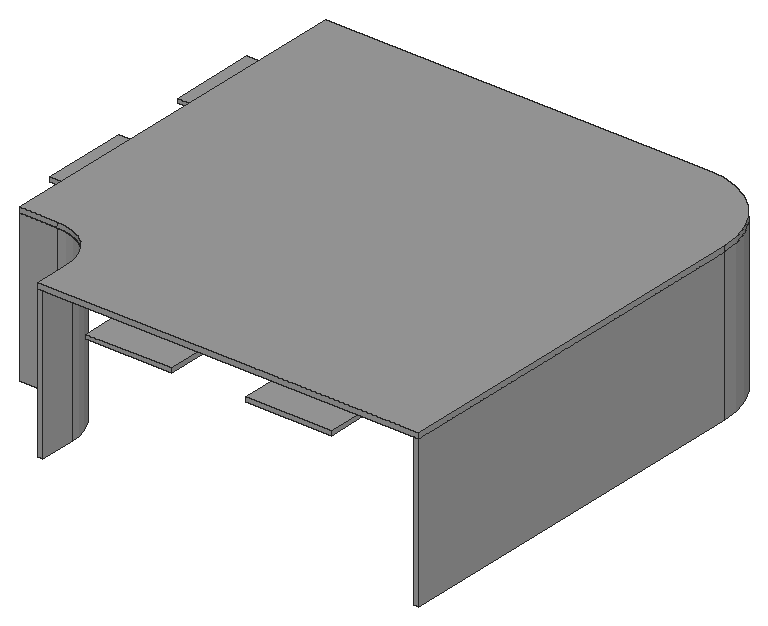
Revit family "Flachwinkelhaube WDK HF60150RW", category Generic Models, Revit 2017
Family settings
  Can host rebar = No
  Round Connector Dimension = Use Diameter
  Part Type = Normal
  Work Plane-Based = No
  Always vertical = Yes
  Cut with Voids When Loaded = No
  Shared = No
  Room Calculation Point = No
Parameters (values of type "WDK HF60150RW")
  Width = 155 mm
  URL = "http://www.obo-bettermann.com"
  Material = Polyvinylchlorid
  Manufacturer Art.No. = "6192955"
  Manufacturer = "OBO BETTERMANN"
  Height = 60 mm
  GTIN = "4012196492671"
  Article Type = "WDK HF60150RW"
Reference planes
  plane 1 "Center (Front/Back)": y = 0
  plane 2: z = 0
  plane 3 "Center (Left/Right)": x = 0
  plane 4: y = 190
  plane 5: x = 190
  plane 6: z = 63.4
  plane 7: z = 61.2
  plane 8: z = 58.7
  plane 9: y = -10
  plane 10: y = 8.7
  plane 11: x = 112.5
  plane 12: x = 127.5
  plane 13: x = 97.5
  plane 14: x = 162.5
  plane 15: z = 58.7
  plane 16: y = -10
  plane 17: y = 8.7
  plane 18: through (0, 0, 1200) normal (-0.7071, 0.7071, 0)
  plane 19: z = 58.7
  plane 20: x = -10
  plane 21: x = 8.7
  plane 22: z = 58.7
  plane 23: x = -10
  plane 24: x = 8.7
Forms (mm)
  Extrusion 1, solid, material "Polyvinylchlorid" <- "Material"
    sketch origin (0, 0, 0) x (1, 0, 0) y (0, 1, 0)
      loop
        line (0, 190) -> (0, 35) -> (15, 35)
        arc (15, 35) -> (29.142, 29.142) -> (35, 15) r 20
        line (35, 15) -> (35, 0) -> (190, 0) -> (190, 155)
        arc (190, 155) -> (179.749, 179.749) -> (155, 190) r 35
        line (155, 190) -> (0, 190)
    from 61.2 to 63.4
  Extrusion 2, solid, material "Polyvinylchlorid" <- "Material"
    sketch origin (0, 0, 0) x (1, 0, 0) y (0, 1, 0)
      loop
        line (0, 190) -> (0, 187.8) -> (155, 187.8)
        arc (155, 187.8) -> (178.193, 178.193) -> (187.8, 155) r 32.8
        line (187.8, 155) -> (187.8, 0) -> (190, 0) -> (190, 155)
        arc (190, 155) -> (179.749, 179.749) -> (155, 190) r 35
        line (155, 190) -> (0, 190)
      loop
        line (0, 35) -> (15, 35)
        arc (15, 35) -> (29.142, 29.142) -> (35, 15) r 20
        line (35, 15) -> (35, 0) -> (37.2, 0) -> (37.2, 15)
        arc (37.2, 15) -> (30.698, 30.698) -> (15, 37.2) r 22.2
        line (15, 37.2) -> (0, 37.2) -> (0, 35)
    from 0 to 61.2
  Extrusion 3, solid, material "Polyvinylchlorid" <- "Material"
    sketch origin (0, 0, 0) x (0, 1, 0) y (0, 0, 1)
      loop
        line (8.7, 61.2) -> (7, 61.2) -> (7, 58.7) -> (-10, 58.7) -> (-10, 57) -> (7, 57) -> (8.7, 57) -> (8.7, 58.7) -> (8.7, 61.2)
    from 127.5 to 162.5
  Extrusion 4, solid, material "Polyvinylchlorid" <- "Material"
    sketch origin (225, 0, 0) x (0, 1, 0) y (0, 0, -1)
      loop
        line (8.7, -61.2) -> (8.7, -58.7) -> (8.7, -57) -> (7, -57) -> (-10, -57) -> (-10, -58.7) -> (7, -58.7) -> (7, -61.2) -> (8.7, -61.2)
    from 127.5 to 162.5
  Extrusion 5, solid, material "Polyvinylchlorid" <- "Material"
    sketch origin (0, 225, 0) x (1, 0, 0) y (0, 0, 1)
      loop
        line (8.7, 61.2) -> (7, 61.2) -> (7, 58.7) -> (-10, 58.7) -> (-10, 57) -> (7, 57) -> (8.7, 57) -> (8.7, 58.7) -> (8.7, 61.2)
    from 127.5 to 162.5
  Extrusion 6, solid, material "Polyvinylchlorid" <- "Material"
    sketch origin (0, 0, 0) x (1, 0, 0) y (0, 0, -1)
      loop
        line (8.7, -61.2) -> (8.7, -58.7) -> (8.7, -57) -> (7, -57) -> (-10, -57) -> (-10, -58.7) -> (7, -58.7) -> (7, -61.2) -> (8.7, -61.2)
    from 127.5 to 162.5
Dimensions and locks
  locked: Extrusion 1 sketch curve to Extrusion 1 sketch curve at 190  (x2)
  locked: plane 1 "Center (Front/Back)" to Extrusion 1 sketch curve at 35
  locked: plane 3 "Center (Left/Right)" to Extrusion 1 sketch curve at 35
  plane 6 to Extrusion 1 = 2.2 mm
  locked: Extrusion 1 to Extrusion 1 at 2.2
  locked: Extrusion 2 sketch curve to Extrusion 1 at 2.2  (x2)
  locked: Extrusion 1 to Extrusion 2 sketch curve at 2.2  (x2)
  locked: plane 10 to plane 1 "Center (Front/Back)" at 8.7
  locked: plane 1 "Center (Front/Back)" to plane 9 at 10
  locked: Extrusion 2 to plane 8 at 2.5
  locked: Extrusion 3 sketch curve to Extrusion 3 sketch curve at 1.7  (x2)
  locked: Extrusion 2 to Extrusion 3 sketch curve at 4.2
  locked: Extrusion 3 sketch curve to Extrusion 3 sketch curve at 18.7
  Extrusion 1 to Extrusion 1 = 155 mm
  locked: plane 11 to Extrusion 1 at 77.5
  locked: plane 12 to plane 14 at 35
  locked: Extrusion 4 sketch curve to Extrusion 4 sketch curve at 1.7  (x2)
  locked: Extrusion 4 sketch curve to Extrusion 4 sketch curve at 18.7
  locked: Extrusion 4 to Extrusion 1 at 10
  locked: Extrusion 5 sketch curve to Extrusion 5 sketch curve at 1.7  (x2)
  locked: Extrusion 5 sketch curve to Extrusion 5 sketch curve at 18.7
  locked: Extrusion 6 sketch curve to Extrusion 6 sketch curve at 1.7  (x2)
  locked: Extrusion 6 sketch curve to Extrusion 6 sketch curve at 18.7
  aligned and locked: level to plane 2
  aligned and locked: plane 1 "Center (Front/Back)" to Extrusion 1
  aligned and locked: Extrusion 1 to plane 3 "Center (Left/Right)"
  aligned and locked: plane 6 to Extrusion 1
  aligned and locked: Extrusion 1 to plane 7
  aligned and locked: Extrusion 2 sketch curve to Extrusion 1  (x2)
  aligned and locked: plane 1 "Center (Front/Back)" to Extrusion 2 sketch curve
  aligned and locked: Extrusion 2 sketch curve to plane 3 "Center (Left/Right)"
  aligned and locked: plane 1 "Center (Front/Back)" to Extrusion 2  (x2)
  aligned and locked: Extrusion 2 to plane 3 "Center (Left/Right)"  (x2)
  aligned and locked: Extrusion 2 to Extrusion 1
  aligned and locked: Extrusion 2 to level
  aligned and locked: Extrusion 3 sketch curve to plane 7
  aligned and locked: plane 9 to Extrusion 3 sketch curve
  aligned and locked: Extrusion 3 to Extrusion 1
  aligned and locked: Extrusion 3 to plane 12
  aligned and locked: plane 14 to Extrusion 3
  aligned and locked: plane 16 to Extrusion 4 sketch curve
  aligned and locked: Extrusion 4 to Extrusion 3
  aligned and locked: Extrusion 3 to Extrusion 4
  aligned and locked: plane 20 to Extrusion 5 sketch curve
  aligned and locked: plane 23 to Extrusion 6 sketch curve
Automatic sketch dimensions
  Extrusion 1 sketch curve to plane 3 "Center (Left/Right)" = 0 mm
  plane 18 to Extrusion 1 sketch curve = 0 mm
  plane 3 "Center (Left/Right)" to Extrusion 1 sketch curve = 15 mm
  Extrusion 1 sketch curve to plane 14 = 7.5 mm
  Extrusion 2 sketch curve to Extrusion 2 sketch curve = 0 mm  (x4)
  Extrusion 2 sketch curve to plane 1 "Center (Front/Back)" = 15 mm
  Extrusion 2 sketch curve to Extrusion 2 sketch curve = 2.2 mm  (x2)
  Extrusion 2 sketch curve to plane 14 = 7.5 mm
  Extrusion 3 sketch curve to plane 8 = 0 mm
  Extrusion 3 sketch curve to Extrusion 3 sketch curve = 0 mm
  Extrusion 4 sketch curve to plane 7 = 0 mm
  Extrusion 4 sketch curve to plane 15 = 0 mm  (x2)
  Extrusion 4 sketch curve to Extrusion 4 sketch curve = 0 mm
  Extrusion 5 sketch curve to plane 19 = 0 mm  (x2)
  Extrusion 5 sketch curve to plane 7 = 0 mm
  Extrusion 5 sketch curve to Extrusion 5 sketch curve = 1.7 mm
  Extrusion 6 sketch curve to plane 7 = 0 mm
  Extrusion 6 sketch curve to plane 22 = 0 mm  (x2)
  Extrusion 6 sketch curve to Extrusion 6 sketch curve = 0 mm
